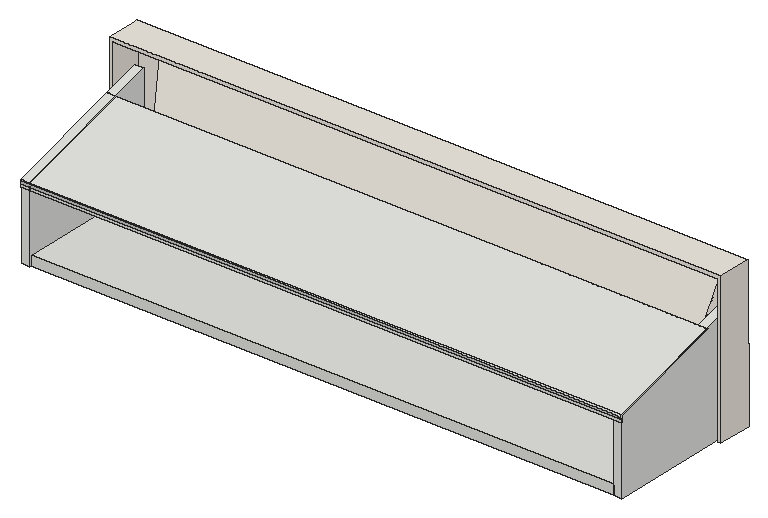
Revit family "Plumbing-Sink-Sloan-Valve-DSG-83000", category Plumbing Fixtures, host Face, Revit 2019
Family settings
  Host = Face
  Round Connector Dimension = Use Diameter
  Part Type = Normal
  OmniClass Number = 23.45.05.14.14
  OmniClass Title = Sinks/Lavatories
  Cut with Voids When Loaded = No
  Shared = No
  Room Calculation Point = No
Parameters (values of type "DSG-83000")
  Width = 90.00"  # constant formula
  Water Flow = 0.0 GPM
  Waste Connection = yes
  WFU = 2
  Vent Connection = no
  Valve Pressure Drop = 0.0 Pa
  URL = "www.sloanvalve.com"
  Sanitary Drain Connection Diameter = 1.50"
  Product data url = "https://bimobject.com/sloan_valve/product/sinks_designer-series_dsg-83000"
  Product Material = Sloan - Corian - Venaro White
  Product Guid = ""
  Part Number = ""
  Model = "DSG-83000"
  Manufacturer = "Sloan Valve"  # constant formula
  Keynote = "10000"
  Hot Water Connection Diameter = 0.50"
  Height = 5.00"  # constant formula
  HWFU = 1.5
  HW Connection = yes
  z_Elevation [instance] = 34.00"  # constant formula
  Enclosure [instance] = yes
  Edition number = 1
  Description = "Designer Series™ 3-Station Wall-Mounted Gradient Sink."
  Depth = 22.00"  # constant formula
  Default Elevation = 0.00"  # constant formula
  Cold Water Connection Diameter = 0.50"
  CWFU = 1.5
  CW Connection = yes
  Assembly Code = "D2010400"
  ADA Compliant = 1 = 1  # yes
Reference planes (in)
  plane 1 "Center (Front/Back)": y = 0
  plane 2: z = 0
  plane 3 "Center (Left/Right)": x = 0
  plane 4: y = -14
  plane 5: y = -34
  plane 6: z = 2.75
  plane 7: x = -30
  plane 8: x = -24
  plane 9: z = 3.125
  plane 10: x = -6
  plane 11: z = 3.125
  plane 12: z = 2.75
  plane 13: x = 24
  plane 14: z = 3.125
  plane 15: x = 30
  plane 16: z = 2.75
  plane 17: x = -45
  plane 18: x = 45
  plane 19: z = 22
Forms (in)
  Extrusion 1, solid, not visible
    sketch origin (0, 0, 0) x (1, 0, 0) y (0, 1, 0)
      loop
        circle (-19.625, -14) r 0.75
      loop
        circle (-16.625, -10) r 0.25
      loop
        circle (-22.625, -10) r 0.25
      loop
        circle (19.625, -14) r 0.75
      loop
        circle (16.625, -10) r 0.25
      loop
        circle (22.625, -10) r 0.25
    from 0 to 0.50971
Dimensions and locks (in)
  plane 4 to plane 1 "Center (Front/Back)" = 14.00"
  "z_Elevation": plane 1 "Center (Front/Back)" to plane 5
  aligned and locked: plane 2 to host face
  aligned and locked: level to host face
  aligned and locked: plane 3 "Center (Left/Right)" to nested 1
  aligned and locked: plane 1 "Center (Front/Back)" to nested 1
Automatic sketch dimensions
  host sketch curve to host sketch curve = 96.00"  (x2)
  Extrusion 1 sketch curve to plane 4 = 0.00"
  plane 4 to Extrusion 1 sketch curve = 0.00"
  plane 8 to Extrusion 1 sketch curve = 1.375"
  plane 8 to Extrusion 1 sketch curve = 4.375"
  Extrusion 1 sketch curve to Extrusion 1 sketch curve = 3.00"
  Extrusion 1 sketch curve to plane 13 = 7.375"
  Extrusion 1 sketch curve to plane 13 = 4.375"
  Extrusion 1 sketch curve to plane 13 = 1.375"
  plane 4 to Extrusion 1 sketch curve = 4.00"  (x4)
  radius of Extrusion 1 sketch curve = 0.75"  (x2)
  radius of Extrusion 1 sketch curve = 0.25"  (x4)
Nested families (in)
  nested 1: "Geometry" at (0, 0, 0), type "Geometry"
Connectors (in)
  piping at (-19.625, -14, 0), diameter 1.5, driven by "WFU", driven by "Sanitary Drain Connection Diameter"
    settings: on Extrusion 1, index 2, connector inside diameter 24.00", connector length 0.00", flow factor 0, pipe flow 0.0 GPM, pressure drop 0.0 Pa, fitting loss kfactor 0, connector angle 0.00°, fixture units 2, engagement length 0.00", angle of deflection 0.00°, flow configuration 3, flow direction 2, fitting loss method 0, system type 16, joint type 0, gender type 0, connector reference index -1, connector utility 0, adjustable connector no, is connector primary yes, connector description "Sanitary Drain Connection 1"
  piping at (-16.625, -10, 0), diameter 0.5, driven by "Cold Water Connection Diameter", driven by "Valve Pressure Drop"
    settings: on Extrusion 1, index 3, connector inside diameter 24.00", connector length 0.00", flow factor 0, pipe flow 0.0 GPM, pressure drop 0.0 Pa, fitting loss kfactor 0, connector angle 0.00°, fixture units 1.5, engagement length 0.00", angle of deflection 0.00°, flow configuration 3, flow direction 1, fitting loss method 0, system type 20, joint type 0, gender type 0, connector reference index -1, connector utility 0, adjustable connector no, is connector primary no, connector description "Cold Water Connection 1"
  piping at (-22.625, -10, 0), diameter 0.5, driven by "Valve Pressure Drop", driven by "Hot Water Connection Diameter"
    settings: on Extrusion 1, index 4, connector inside diameter 24.00", connector length 0.00", flow factor 0, pipe flow 0.0 GPM, pressure drop 0.0 Pa, fitting loss kfactor 0, connector angle 0.00°, fixture units 1.5, engagement length 0.00", angle of deflection 0.00°, flow configuration 3, flow direction 1, fitting loss method 0, system type 19, joint type 0, gender type 0, connector reference index -1, connector utility 0, adjustable connector no, is connector primary no, connector description "Hot Water Connection 1"
  piping at (19.625, -14, 0), diameter 1.5, driven by "Sanitary Drain Connection Diameter", driven by "WFU"
    settings: on Extrusion 1, index 7, connector inside diameter 24.00", connector length 0.00", flow factor 0, pipe flow 0.0 GPM, pressure drop 0.0 Pa, fitting loss kfactor 0, connector angle 0.00°, fixture units 2, engagement length 0.00", angle of deflection 0.00°, flow configuration 3, flow direction 2, fitting loss method 0, system type 16, joint type 0, gender type 0, connector reference index -1, connector utility 0, adjustable connector no, is connector primary no, connector description "Sanitary Drain Connection 2"
  piping at (16.625, -10, 0), diameter 0.5, driven by "Hot Water Connection Diameter", driven by "Valve Pressure Drop"
    settings: on Extrusion 1, index 8, connector inside diameter 24.00", connector length 0.00", flow factor 0, pipe flow 0.0 GPM, pressure drop 0.0 Pa, fitting loss kfactor 0, connector angle 0.00°, fixture units 1.5, engagement length 0.00", angle of deflection 0.00°, flow configuration 3, flow direction 1, fitting loss method 0, system type 19, joint type 0, gender type 0, connector reference index -1, connector utility 0, adjustable connector no, is connector primary no, connector description "Hot Water Connection 2"
  piping at (22.625, -10, 0), diameter 0.5, driven by "Cold Water Connection Diameter", driven by "Valve Pressure Drop"
    settings: on Extrusion 1, index 9, connector inside diameter 24.00", connector length 0.00", flow factor 0, pipe flow 0.0 GPM, pressure drop 0.0 Pa, fitting loss kfactor 0, connector angle 0.00°, fixture units 1.5, engagement length 0.00", angle of deflection 0.00°, flow configuration 3, flow direction 1, fitting loss method 0, system type 20, joint type 0, gender type 0, connector reference index -1, connector utility 0, adjustable connector no, is connector primary no, connector description "Cold Water Connection 2"
Definition of nested family "Geometry"
  Parameters (values of type "Geometry")
    URL = ""
    Type Comments = ""
    Product Material = none
    Model = ""
    Manufacturer = ""
    Enclosure Material = none
    Enclosure = yes
    Description = ""
    Default Elevation = 34.00"
    Assembly Code = ""
  Reference planes (in)
    plane 1 "Center (Front/Back)": y = 0
    plane 2: z = 0
    plane 3 "Center (Left/Right)": x = 0
    plane 4: y = -5
    plane 5: z = 22
    plane 6: y = -34
    plane 7: y = -14
    plane 8: y = -10
    plane 9: z = 7
    plane 10: x = 45
    plane 11: x = -45
    plane 12: x = 41
    plane 13: x = -41
    plane 14: x = 30
    plane 15: x = -30
    plane 16: x = 19.625
    plane 17: x = -19.625
  Forms (in)
    Extrusion 1, solid
      sketch origin (0, 0, 0) x (1, 0, 0) y (0, 1, 0)
        loop
          line (-48, 48) -> (-48, -48) -> (48, -48) -> (48, 48) -> (-48, 48)
      from 0 to -12
    Extrusion 2, solid, material <- "Product Material"
      sketch origin (0, 0, 0) x (1, 0, 0) y (0, 0, 1)
        loop
          line (45, 22) -> (-45, 22) -> (-45, 0) -> (-44.52756, 0) -> (-44.52756, 21.52756) -> (44.52756, 21.52756) -> (44.52756, 0) -> (45, 0) -> (45, 22)
      from 0 to 5
    Extrusion 3, solid, material <- "Product Material"
      sketch origin (0, 0, 0) x (1, 0, 0) y (0, 0, 1)
        loop
          line (45, 0) -> (45, 22) -> (-45, 22) -> (-45, 0) -> (45, 0)
        loop
          line (41, 19) -> (-41, 19) -> (-41, 5) -> (41, 5) -> (41, 19)
      from 0 to 0.47244
    Extrusion 4, solid, material <- "Product Material"
      sketch origin (0, 0, 0) x (0, 1, 0) y (0, 0, 1)
        loop
          line (0, 19) -> (-0.47244, 19.08029) -> (-3.83519, 9.47244) -> (-5, 9.47244) -> (-5, 4.52756) -> (-0.47244, 4.52756) -> (0, 5) -> (-4.52733, 5) -> (-4.52733, 9) -> (-3.5, 9) -> (0, 19)
      from -41 to 41
    Extrusion 5, solid, material <- "Product Material"
      sketch origin (0, 0, 0) x (1, 0, 0) y (0, 1, 0)
        loop
          line (41, 0) -> (38.91846, -4.75781) -> (39.43413, -4.75781) -> (41.30898, -0.47244) -> (41, 0)
        loop
          line (-41, 0) -> (-41.30898, -0.47244) -> (-39.43413, -4.75781) -> (-38.91846, -4.75781) -> (-41, 0)
      from 5 to 19.08029
    Extrusion 6, void
      sketch origin (0, 0, 0) x (0, 1, 0) y (0, 0, 1)
        loop
          line (-0.47244, 19.08029) -> (-5.23048, 19.08029) -> (-5.23048, 9.47244) -> (-3.83519, 9.47244) -> (-0.47244, 19.08029)
      from -41.30898 to 41.30898
    Extrusion 7, void
      sketch origin (0, 0, 0) x (1, 0, 0) y (0, 1, 0)
        loop
          line (-39.11076, -5.49694) -> (-41.30898, -0.47244) -> (-41.30898, -5.49694) -> (-39.11076, -5.49694)
        loop
          line (39.11076, -5.49694) -> (41.30898, -5.49694) -> (41.30898, -0.47244) -> (39.11076, -5.49694)
      from 4.52756 to 19.28617
    Extrusion 8, solid, material <- "Product Material"
      sketch origin (0, 0, 0) x (1, 0, 0) y (0, 1, 0)
        loop
          circle (-19.625, -14) r 0.75
        loop
          circle (19.625, -14) r 0.75
        loop
          circle (-22.625, -10) r 0.25
        loop
          circle (-16.625, -10) r 0.25
        loop
          circle (16.625, -10) r 0.25
        loop
          circle (22.625, -10) r 0.25
      from 0 to 0.032
    Extrusion 9, void
      sketch origin (0, 0, 0) x (1, 0, 0) y (0, 0, 1)
        loop
          circle (19.625, 7) r 0.75
        loop
          circle (-19.625, 7) r 0.75
      from 4.52733 to 5
    Extrusion 10, solid, material <- "Enclosure Material", visible <- "Enclosure"
      sketch origin (-15.1902, 0, 0) x (0, 1, 0) y (0, 0, -1)
        loop
          line (-22.28349, 0) -> (-22.28349, -11.02999) -> (-1.32484, -16.97876) -> (-1.35811, 0) -> (-22.28349, 0)
      from 27.76017 to 29.0598
    Sweep 11, solid, material <- "Enclosure Material", visible <- "Enclosure"
      path origin (0, 0.17188, 0) x (1, 0, 0) y (0, 1, 0)
        loop
          line (-44.25, -22.62888) -> (44.25, -22.62888)
      profile origin (0, -22.45701, 0) x (0, 1, 0) y (0, 0, 1)
        loop
          line (-0.00555, 10.86203) -> (0.10434, 10.47744) -> (0.11135, 10.05276) -> (0.17114, 10.05375) -> (0.164, 10.4863) -> (0.04663, 10.89708)
          arc (0.04663, 10.89708) -> (0.05347, 10.95663) -> (0.10042, 10.9939) r 0.07831
          line (0.10042, 10.9939) -> (15.93571, 15.51827) -> (15.86178, 15.55934) -> (0.10261, 11.05672)
          arc (0.10261, 11.05672) -> (0.00821, 10.98178) -> (-0.00555, 10.86203) r 0.15748
    Extrusion 12, solid, material <- "Enclosure Material", visible <- "Enclosure"
      sketch origin (0, 0, 0) x (1, 0, 0) y (0, 0, 1)
        loop
          line (-42.95037, 1.44) -> (-42.95037, 0) -> (42.95037, 0) -> (42.95037, 1.44) -> (-42.95037, 1.44)
      from 0.787 to 22.1902
    Extrusion 13, solid, material <- "Enclosure Material", visible <- "Enclosure"
      sketch origin (15.1902, 0, 0) x (0, 1, 0) y (0, 0, 1)
        loop
          line (-22.28349, 0) -> (-1.35811, 0) -> (-1.32484, 16.97876) -> (-22.28349, 11.02999) -> (-22.28349, 0)
      from 27.76017 to 29.0598
  Cuts and joins
    Extrusion 6, Extrusion 9 cuts Extrusion 2
    Extrusion 6, Extrusion 9 cuts Extrusion 3
    Extrusion 6, Extrusion 7, Extrusion 9 cuts Extrusion 4
    Extrusion 6, Extrusion 9 cuts Extrusion 5
    joined: Extrusion 2, Extrusion 3, Extrusion 4, Extrusion 5
  Lines and regions (in)
    Masking region 1
      outline origin (0, 0, 0) x (1, 0, 0) y (0, 0, 1)
        loop
          line (45, 22) -> (-45, 22) -> (-45, 0) -> (45, 0) -> (45, 22)
    symbolic lines, detail levels medium+fine
      curve 1: line (41, 0, 19) -> (-41, 0, 19)
      curve 2: line (-41, 0, 5) -> (41, 0, 5)
      curve 3: line (-39.46875, 0, 9) -> (39.46875, 0, 9)
      curve 4: line (41, 0, 5) -> (41, 0, 19)
      curve 5: line (41, 0, 19) -> (39.46875, 0, 9)
      curve 6: line (38.91846, 0, 9) -> (38.91846, 0, 5)
      curve 7: line (-41, 0, 19) -> (-41, 0, 5)
      curve 8: line (-38.91846, 0, 5) -> (-38.91846, 0, 9)
      curve 9: line (-39.46875, 0, 9) -> (-41, 0, 19)
    symbolic lines, detail levels fine
      curve 10: circle (0, 0, 2.75) r 0.625 normal (0, 1, 0)
      curve 11: circle (-6, 0, 3.125) r 0.5 normal (0, 1, 0)
      curve 12: circle (-24, 0, 3.125) r 0.5 normal (0, -1, 0)
      curve 13: circle (-30, 0, 2.75) r 0.625 normal (0, -1, 0)
      curve 14: circle (24, 0, 3.125) r 0.5 normal (0, -1, 0)
      curve 15: circle (30, 0, 2.75) r 0.625 normal (0, -1, 0)
      curve 16: circle (19.625, 0, 7) r 0.75 normal (0, -1, 0)
      curve 17: circle (-19.625, 0, 7) r 0.75 normal (0, -1, 0)
  Dimensions and locks (in)
    locked: Extrusion 1 to plane 5 at 22
    locked: plane 4 to plane 1 "Center (Front/Back)" at 5
    locked: plane 6 to plane 8 at 24
    locked: plane 6 to plane 7 at 20
    "Default Elevation": plane 6 to plane 1 "Center (Front/Back)"
    locked: plane 10 to plane 11 at 90
    equal spacing: plane 10, plane 3 "Center (Left/Right)", plane 11
    locked: plane 10 to plane 12 at 4
    locked: plane 13 to plane 11 at 4
    equal spacing: plane 14, plane 3 "Center (Left/Right)", plane 15
    plane 10 to plane 16 = 25.375"
    locked: plane 17 to plane 11 at 25.375
    plane 11 to Sweep 11 sketch curve = 0.75"
    Sweep 11 sketch curve to plane 10 = 0.75"
    aligned and locked: plane 2 to Extrusion 1
    aligned and locked: level to Extrusion 1
    aligned and locked: plane 7 to Extrusion 8 sketch curve  (x2)
    aligned and locked: Extrusion 3 sketch curve to level
    aligned and locked: Extrusion 3 sketch curve to plane 5
    aligned and locked: plane 9 to Extrusion 9 sketch curve
    aligned and locked: Extrusion 3 sketch curve to plane 12
    aligned and locked: plane 13 to Extrusion 3 sketch curve
    aligned and locked: plane 16 to Extrusion 9 sketch curve
    aligned and locked: plane 17 to Extrusion 9 sketch curve
    aligned and locked: Masking region 1 sketch curve to plane 10
    aligned and locked: plane 11 to Masking region 1 sketch curve
    aligned and locked: plane 5 to Masking region 1 sketch curve
    aligned and locked: curve 16 to cut or joined group of Extrusion 2, Extrusion 3, Extrusion 4, Extrusion 5, Extrusion 6, Extrusion 7, Extrusion 9
    aligned and locked: curve 17 to cut or joined group of Extrusion 2, Extrusion 3, Extrusion 4, Extrusion 5, Extrusion 6, Extrusion 7, Extrusion 9
    aligned and locked: plane 17 to Extrusion 8 sketch curve
    aligned and locked: plane 16 to Extrusion 8 sketch curve
    aligned and locked: plane 8 to Extrusion 8 sketch curve
  Automatic sketch dimensions
    Extrusion 1 sketch curve to Extrusion 1 sketch curve = 96.00"  (x2)
    Extrusion 2 sketch curve to plane 5 = 0.00"
    Extrusion 2 sketch curve to plane 11 = 0.00"
    Extrusion 2 sketch curve to level = 0.00"  (x2)
    Extrusion 2 sketch curve to plane 10 = 0.00"
    plane 11 to Extrusion 2 sketch curve = 0.47244"
    Extrusion 2 sketch curve to Extrusion 2 sketch curve = 0.47244"
    plane 5 to Extrusion 2 sketch curve = 0.47244"
    Extrusion 3 sketch curve to plane 11 = 0.00"
    Extrusion 3 sketch curve to plane 10 = 0.00"
    plane 9 to Extrusion 3 sketch curve = 2.00"
    plane 5 to Extrusion 3 sketch curve = 3.00"
    Extrusion 4 sketch curve to plane 1 "Center (Front/Back)" = 0.00"  (x2)
    plane 4 to Extrusion 4 sketch curve = 0.00"
    Extrusion 4 sketch curve to plane 4 = 0.47267"
    Extrusion 4 sketch curve to Extrusion 4 sketch curve = 0.69214"
    Extrusion 4 sketch curve to Extrusion 4 sketch curve = 0.33519"
    plane 1 "Center (Front/Back)" to Extrusion 4 sketch curve = 0.47244"  (x2)
    plane 9 to Extrusion 4 sketch curve = 2.47244"
    Extrusion 4 sketch curve to Extrusion 4 sketch curve = 0.47244"  (x2)
    Extrusion 4 sketch curve to plane 9 = 2.00"
    plane 5 to Extrusion 4 sketch curve = 3.00"
    Extrusion 4 sketch curve to Extrusion 4 sketch curve = 0.08029"
    plane 1 "Center (Front/Back)" to Extrusion 5 sketch curve = 0.00"  (x2)
    Extrusion 5 sketch curve to plane 13 = 0.00"
    Extrusion 5 sketch curve to plane 12 = 0.00"
    Extrusion 5 sketch curve to plane 13 = 0.30898"
    Extrusion 5 sketch curve to plane 4 = 0.24219"  (x2)
    plane 13 to Extrusion 5 sketch curve = 1.56587"
    Extrusion 5 sketch curve to Extrusion 5 sketch curve = 0.51568"  (x2)
    Extrusion 5 sketch curve to plane 12 = 2.08154"
    plane 12 to Extrusion 5 sketch curve = 0.30898"
    plane 1 "Center (Front/Back)" to Extrusion 5 sketch curve = 0.47244"  (x2)
    plane 4 to Extrusion 6 sketch curve = 0.23048"
    Extrusion 6 sketch curve to plane 4 = 1.16481"
    plane 1 "Center (Front/Back)" to Extrusion 6 sketch curve = 0.47244"
    Extrusion 6 sketch curve to plane 9 = 2.47244"
    plane 5 to Extrusion 6 sketch curve = 2.91971"
    Extrusion 7 sketch curve to plane 13 = 0.30898"
    plane 4 to Extrusion 7 sketch curve = 0.49694"  (x2)
    plane 13 to Extrusion 7 sketch curve = 1.88924"
    Extrusion 7 sketch curve to plane 12 = 1.88924"
    plane 12 to Extrusion 7 sketch curve = 0.30898"
    plane 1 "Center (Front/Back)" to Extrusion 7 sketch curve = 0.47244"  (x2)
    Masking region 1 sketch curve to level = 0.00"
    Extrusion 9 sketch curve to plane 9 = 0.00"
    curve 9 to plane 13 = 0.00"
    curve 10 to plane 3 "Center (Left/Right)" = 0.00"
    curve 4 to plane 12 = 0.00"
    plane 13 to curve 3 = 1.53125"
    curve 11 to plane 3 "Center (Left/Right)" = 6.00"
    curve 6 to curve 2 = 2.08154"
    curve 6 to curve 5 = 0.55029"
    level to curve 10 = 2.75"
    level to curve 11 = 3.125"
    plane 9 to curve 4 = 2.00"
    curve 5 to plane 9 = 2.00"
    plane 5 to curve 7 = 3.00"
    curve 3 to curve 8 = 0.55029"
    curve 13 to plane 15 = 0.00"
    curve 15 to plane 14 = 0.00"
    level to curve 13 = 2.75"
    level to curve 15 = 2.75"
    curve 12 to plane 17 = 4.375"
    plane 16 to curve 14 = 4.375"
    level to curve 12 = 3.125"
    level to curve 14 = 3.125"
    plane 8 to Extrusion 8 sketch curve = 0.00"  (x3)
    Extrusion 8 sketch curve to plane 17 = 3.00"
    plane 17 to Extrusion 8 sketch curve = 3.00"
    Extrusion 8 sketch curve to plane 16 = 3.00"
    plane 16 to Extrusion 8 sketch curve = 3.00"
    Extrusion 10 sketch curve to level = 0.00"
    Extrusion 10 sketch curve to plane 9 = 4.02999"
    plane 7 to Extrusion 10 sketch curve = 8.28349"
    plane 1 "Center (Front/Back)" to Extrusion 10 sketch curve = 1.35811"
    plane 1 "Center (Front/Back)" to Extrusion 10 sketch curve = 1.32484"
    plane 5 to Extrusion 10 sketch curve = 5.02124"
    plane 7 to Sweep 11 sketch curve = 8.45701"
    profile plane to Sweep 11 sketch curve = 0.00555"
    Sweep 11 sketch curve to profile plane = 0.04663"
    Sweep 11 sketch curve to profile plane = 0.10042"
    Sweep 11 sketch curve to Sweep 11 sketch curve = 0.00219"
    Sweep 11 sketch curve to profile plane = 0.10434"
    Sweep 11 sketch curve to profile plane = 0.11135"
    Sweep 11 sketch curve to Sweep 11 sketch curve = 0.0753"
    Sweep 11 sketch curve to Sweep 11 sketch curve = 0.02394"
    Sweep 11 sketch curve to Sweep 11 sketch curve = 0.05966"
    Sweep 11 sketch curve to Sweep 11 sketch curve = 0.05979"
    Sweep 11 sketch curve to profile plane = 15.86178"
    Sweep 11 sketch curve to Sweep 11 sketch curve = 0.07393"
    profile plane to Sweep 11 sketch curve = 10.05276"
    Sweep 11 sketch curve to Sweep 11 sketch curve = 0.00099"
    Sweep 11 sketch curve to Sweep 11 sketch curve = 0.42467"
    Sweep 11 sketch curve to Sweep 11 sketch curve = 0.00886"
    Sweep 11 sketch curve to Sweep 11 sketch curve = 0.38459"
    Sweep 11 sketch curve to Sweep 11 sketch curve = 0.03505"
    Sweep 11 sketch curve to Sweep 11 sketch curve = 0.00821"
    Sweep 11 sketch curve to Sweep 11 sketch curve = 0.0133"
    profile plane to Sweep 11 sketch curve = 15.51827"
    Sweep 11 sketch curve to Sweep 11 sketch curve = 0.04107"
    Extrusion 12 sketch curve to level = 0.00"
    Extrusion 12 sketch curve to plane 15 = 12.95037"
    plane 14 to Extrusion 12 sketch curve = 12.95037"
    level to Extrusion 12 sketch curve = 1.44"
    Extrusion 13 sketch curve to level = 0.00"
    Extrusion 13 sketch curve to plane 9 = 4.02999"
    plane 7 to Extrusion 13 sketch curve = 8.28349"
    plane 1 "Center (Front/Back)" to Extrusion 13 sketch curve = 1.35811"
    plane 1 "Center (Front/Back)" to Extrusion 13 sketch curve = 1.32484"
    plane 5 to Extrusion 13 sketch curve = 5.02124"
    radius of Extrusion 9 sketch curve = 0.75"  (x2)
    radius of curve 10 = 0.625"
    radius of curve 11 = 0.50"
    radius of curve 13 = 0.625"
    radius of curve 15 = 0.625"
    radius of curve 12 = 0.50"
    radius of curve 14 = 0.50"
    radius of Extrusion 8 sketch curve = 0.75"  (x2)
    radius of Extrusion 8 sketch curve = 0.25"  (x4)
